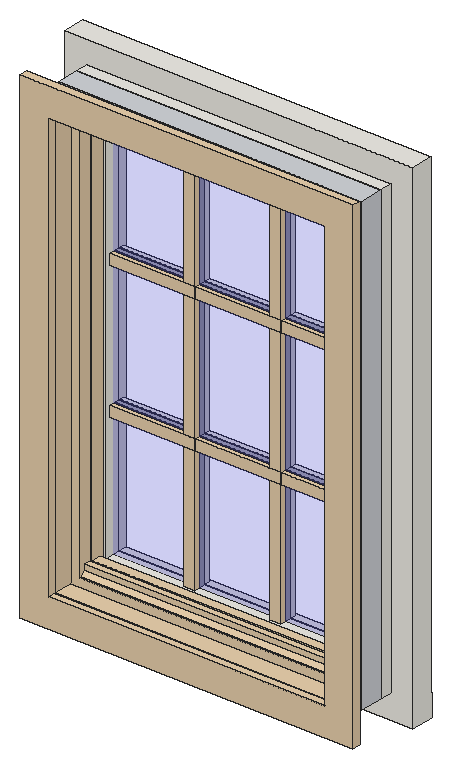
Revit family "Window-Awning-Andersen-400_Series 2", category Windows, host Wall, Revit 2013 (continued)
Dimensions and locks (in)
  aligned and locked: plane 17 "L Casing 4" to Masking region 7 sketch curve
  aligned and locked: Masking region 7 sketch curve to plane 27 "R Casing 4"
  aligned and locked: Masking region 7 sketch curve to plane 43 "B Casing 2"
  aligned and locked: plane 7 "T Frame" to Masking region 8 sketch curve
  aligned and locked: plane 5 "L Frame" to Masking region 8 sketch curve
  aligned and locked: Masking region 8 sketch curve to plane 4 "R Frame"
  aligned and locked: Masking region 8 sketch curve to plane 6 "B Frame"
  aligned and locked: plane 29 "T Glazing" to curve 34
  aligned and locked: curve 36 to plane 18 "R Glazing"
  aligned and locked: plane 8 "L Glazing" to curve 35
  aligned and locked: curve 37 to plane 39 "B Glazing"
  aligned and locked: plane 7 "T Frame" to Masking region 9 sketch curve
  aligned and locked: Masking region 9 sketch curve to plane 4 "R Frame"
  aligned and locked: plane 5 "L Frame" to Masking region 9 sketch curve
  aligned and locked: Masking region 9 sketch curve to plane 6 "B Frame"
  aligned and locked: plane 31 "T Xjamb 1" to Masking region 10 sketch curve
  aligned and locked: Masking region 10 sketch curve to plane 21 "R Xjamb 1"
  aligned and locked: plane 11 "L Xjamb 1" to Masking region 10 sketch curve
  aligned and locked: Masking region 10 sketch curve to plane 56 "B Xjamb 1"
  aligned and locked: Masking region 10 sketch curve to plane 44 "B Int Casing"
  aligned and locked: plane 45 "L Int Casing" to Masking region 10 sketch curve
  aligned and locked: Masking region 10 sketch curve to plane 28 "R Int Casing"
  aligned and locked: plane 38 "T Int Casing" to Masking region 10 sketch curve
  aligned and locked: plane 5 "L Frame" to curve 43
  aligned and locked: Masking region 3 sketch curve to host wall
  aligned and locked: plane 31 "T Xjamb 1" to Extrusion 3 sketch curve
  aligned and locked: plane 33 "T Xjamb 2" to Extrusion 3 sketch curve
  aligned and locked: Extrusion 3 sketch curve to plane 21 "R Xjamb 1"
  aligned and locked: Extrusion 3 sketch curve to plane 23 "R Xjamb 2"
  aligned and locked: plane 11 "L Xjamb 1" to Extrusion 3 sketch curve
  aligned and locked: plane 13 "L Xjamb 2" to Extrusion 3 sketch curve
  aligned and locked: Extrusion 3 sketch curve to plane 56 "B Xjamb 1"
  aligned and locked: Extrusion 3 sketch curve to plane 41 "B Xjamb 2"
  aligned and locked: plane 31 "T Xjamb 1" to Extrusion 4 sketch curve
  aligned and locked: plane 38 "T Int Casing" to Extrusion 4 sketch curve
  aligned and locked: Extrusion 4 sketch curve to plane 21 "R Xjamb 1"
  aligned and locked: Extrusion 4 sketch curve to plane 28 "R Int Casing"
  aligned and locked: plane 11 "L Xjamb 1" to Extrusion 4 sketch curve
  aligned and locked: plane 45 "L Int Casing" to Extrusion 4 sketch curve
  aligned and locked: Extrusion 4 sketch curve to plane 56 "B Xjamb 1"
  aligned and locked: Extrusion 4 sketch curve to plane 44 "B Int Casing"
  aligned and locked: Extrusion 4 to host wall
  aligned and locked: Extrusion 4 to plane 58 "Interior Casing"
  aligned and locked: plane 43 "B Casing 2" to Extrusion 5 sketch curve
  aligned and locked: plane 43 "B Casing 2" to Sweep 6 sketch curve  (x2)
  aligned and locked: plane 17 "L Casing 4" to Sweep 6 sketch curve  (x2)
  aligned and locked: Sweep 6 sketch curve to plane 27 "R Casing 4"
  aligned and locked: plane 37 "T Casing 4" to Sweep 6 sketch curve
  aligned and locked: plane 16 "L Casing 3" to Sweep 6 sketch curve
  aligned and locked: plane 47 "Casing S2" to Sweep 6 sketch curve
  aligned and locked: Sweep 6 sketch curve to plane 46 "Casing S1"
  aligned and locked: plane 49 "Flange" to Sweep 6 sketch curve
  aligned and locked: Sweep 6 sketch curve to plane 12 "L Casing 1"
  aligned and locked: Sweep 6 sketch curve to plane 47 "Casing S2"
  aligned and locked: plane 15 "L Casing 2" to Sweep 6 sketch curve
  aligned and locked: Extrusion 5 to plane 17 "L Casing 4"
  aligned and locked: plane 27 "R Casing 4" to Extrusion 5
  aligned and locked: plane 32 "T Casing 1" to Extrusion 7 sketch curve
  aligned and locked: plane 37 "T Casing 4" to Extrusion 7 sketch curve
  aligned and locked: plane 12 "L Casing 1" to Extrusion 7 sketch curve
  aligned and locked: plane 17 "L Casing 4" to Extrusion 7 sketch curve
  aligned and locked: Extrusion 7 sketch curve to plane 22 "R Casing 1"
  aligned and locked: Extrusion 7 sketch curve to plane 27 "R Casing 4"
  aligned and locked: Extrusion 7 sketch curve to plane 43 "B Casing 2"
  aligned and locked: plane 46 "Casing S1" to Extrusion 7
  aligned and locked: plane 49 "Flange" to Extrusion 7
  aligned and locked: plane 8 "L Glazing" to Extrusion 8 sketch curve
  aligned and locked: Extrusion 8 sketch curve to plane 18 "R Glazing"
  aligned and locked: plane 29 "T Glazing" to Extrusion 8 sketch curve
  aligned and locked: plane 50 "Glass1 S1" to Extrusion 8
  aligned and locked: Extrusion 8 to plane 54 "Sash1 S2"
  aligned and locked: Extrusion 9 sketch curve to plane 8 "L Glazing"
  aligned and locked: Extrusion 9 sketch curve to plane 29 "T Glazing"
  aligned and locked: plane 18 "R Glazing" to Extrusion 9 sketch curve
  aligned and locked: Extrusion 9 to plane 50 "Glass1 S1"
  aligned and locked: plane 29 "T Glazing" to Extrusion 10 sketch curve
  aligned and locked: plane 8 "L Glazing" to Extrusion 10 sketch curve
  aligned and locked: Extrusion 10 sketch curve to plane 18 "R Glazing"
  aligned and locked: plane 50 "Glass1 S1" to Extrusion 10
  aligned and locked: Extrusion 10 to plane 53 "Glass1 S4"
  aligned and locked: nested 1 to plane 29 "T Glazing"
  aligned and locked: nested 1 to plane 3 "Center (Left/Right)"
  aligned and locked: plane 8 "L Glazing" to nested 2
  aligned and locked: nested 3 to plane 29 "T Glazing"
  aligned and locked: plane 8 "L Glazing" to nested 4
  aligned and locked: nested 5 to plane 29 "T Glazing"
  aligned and locked: plane 8 "L Glazing" to nested 6
  aligned and locked: plane 8 "L Glazing" to nested 7
  aligned and locked: Extrusion 5 sketch curve to plane 49 "Flange"
  aligned and locked: host wall to Masking region 11 sketch curve
  aligned and locked: plane 4 "R Frame" to Masking region 11 sketch curve
  aligned and locked: Masking region 11 sketch curve to plane 5 "L Frame"
  aligned and locked: plane 57 "Exterior Offset" to Masking region 11 sketch curve
  aligned and locked: plane 27 "R Casing 4" to Masking region 11 sketch curve
  aligned and locked: Masking region 11 sketch curve to plane 17 "L Casing 4"
  aligned and locked: plane 39 "B Glazing" to Extrusion 8 sketch curve
  aligned and locked: curve 11 to plane 66 "Sash1 S1"
  aligned and locked: plane 66 "Sash1 S1" to curve 15
  aligned and locked: plane 66 "Sash1 S1" to Extrusion 9
  aligned and locked: host wall to curve 19
  aligned and locked: plane 7 "T Frame" to Extrusion 11 sketch curve
  aligned and locked: Extrusion 11 sketch curve to plane 4 "R Frame"
  aligned and locked: Extrusion 11 sketch curve to plane 6 "B Frame"
  aligned and locked: plane 5 "L Frame" to Extrusion 11 sketch curve
  aligned and locked: plane 30 "T Ext Frame" to Extrusion 11 sketch curve
  aligned and locked: Extrusion 11 sketch curve to plane 19 "R Ext Frame"
  aligned and locked: plane 9 "L Ext Frame" to Extrusion 11 sketch curve
  aligned and locked: Extrusion 11 sketch curve to plane 40 "B Ext Frame"
  aligned and locked: plane 48 "Frame S1" to Extrusion 11
  aligned and locked: Extrusion 10 sketch curve to plane 39 "B Glazing"
  aligned and locked: plane 39 "B Glazing" to curve 28
  aligned and locked: plane 39 "B Glazing" to curve 27
  aligned and locked: plane 39 "B Glazing" to curve 29
  aligned and locked: plane 39 "B Glazing" to curve 26
  aligned and locked: plane 39 "B Glazing" to Extrusion 9 sketch curve
  aligned and locked: plane 68 "L Sash" to curve 18
  aligned and locked: plane 54 "Sash1 S2" to curve 18
  aligned and locked: plane 54 "Sash1 S2" to curve 14
  aligned and locked: plane 55 "Frame S2" to Masking region 1 sketch curve
  aligned and locked: plane 69 "Stop S1" to curve 95
  aligned and locked: plane 69 "Stop S1" to curve 93
  aligned and locked: Masking region 1 sketch curve to plane 55 "Frame S2"
  aligned and locked: plane 69 "Stop S1" to Masking region 4 sketch curve
  aligned and locked: plane 55 "Frame S2" to Masking region 4 sketch curve
  aligned and locked: Masking region 4 sketch curve to plane 55 "Frame S2"
  aligned and locked: plane 71 "T Sash" to Extrusion 9 sketch curve
  aligned and locked: plane 68 "L Sash" to Extrusion 9 sketch curve
  aligned and locked: Extrusion 9 sketch curve to plane 67 "R Sash"
  aligned and locked: plane 70 "B Sash" to Extrusion 9 sketch curve
  aligned and locked: Extrusion 8 sketch curve to plane 71 "T Sash"
  aligned and locked: Extrusion 8 sketch curve to plane 68 "L Sash"
  aligned and locked: plane 67 "R Sash" to Extrusion 8 sketch curve
  aligned and locked: plane 70 "B Sash" to Extrusion 8 sketch curve
  aligned and locked: Extrusion 11 to plane 54 "Sash1 S2"
  aligned and locked: plane 72 "T Int Frame" to Extrusion 12 sketch curve
  aligned and locked: plane 74 "L Int Frame" to Extrusion 12 sketch curve
  aligned and locked: Extrusion 12 sketch curve to plane 75 "R Int Frame"
  aligned and locked: Extrusion 12 sketch curve to plane 73 "B Int Frame"
  aligned and locked: Extrusion 12 sketch curve to plane 6 "B Frame"
  aligned and locked: Extrusion 12 sketch curve to plane 4 "R Frame"
  aligned and locked: plane 7 "T Frame" to Extrusion 12 sketch curve
  aligned and locked: plane 5 "L Frame" to Extrusion 12 sketch curve
  aligned and locked: plane 54 "Sash1 S2" to Extrusion 12
  aligned and locked: Extrusion 12 to plane 55 "Frame S2"
  aligned and locked: plane 75 "R Int Frame" to Extrusion 13
  aligned and locked: Extrusion 13 to plane 74 "L Int Frame"
  aligned and locked: Extrusion 14 sketch curve to plane 54 "Sash1 S2"
  aligned and locked: Extrusion 14 sketch curve to plane 75 "R Int Frame"
  aligned and locked: plane 69 "Stop S1" to Extrusion 14 sketch curve
  aligned and locked: plane 20 "R Stop" to Extrusion 14 sketch curve
  aligned and locked: plane 10 "L Stop" to Extrusion 14 sketch curve
  aligned and locked: plane 54 "Sash1 S2" to Extrusion 14 sketch curve
  aligned and locked: Extrusion 14 sketch curve to plane 74 "L Int Frame"
  aligned and locked: Extrusion 14 sketch curve to plane 69 "Stop S1"
  aligned and locked: plane 73 "B Int Frame" to Extrusion 14
  aligned and locked: Extrusion 14 to plane 72 "T Int Frame"
  aligned and locked: Masking region 1 sketch curve to plane 75 "R Int Frame"
  aligned and locked: Masking region 1 sketch curve to plane 74 "L Int Frame"
  aligned and locked: plane 7 "T Frame" to Sweep 15 sketch curve
  aligned and locked: plane 5 "L Frame" to Sweep 15 sketch curve
  aligned and locked: Sweep 15 sketch curve to plane 6 "B Frame"
  aligned and locked: Sweep 15 sketch curve to plane 4 "R Frame"
  aligned and locked: Sweep 15 sketch curve to plane 55 "Frame S2"
  aligned and locked: plane 65 "Xjamb S1" to Extrusion 3
  aligned and locked: host wall to Extrusion 3
  aligned and locked: Masking region 4 sketch curve to plane 72 "T Int Frame"
  aligned and locked: Masking region 4 sketch curve to plane 73 "B Int Frame"
  aligned and locked: plane 54 "Sash1 S2" to Extrusion 13 sketch curve
  aligned and locked: plane 73 "B Int Frame" to Extrusion 13 sketch curve
  aligned and locked: plane 76 "T Stop" to curve 38
  aligned and locked: plane 10 "L Stop" to curve 41
  aligned and locked: curve 39 to plane 20 "R Stop"
  aligned and locked: plane 72 "T Int Frame" to curve 116
  aligned and locked: curve 117 to plane 75 "R Int Frame"
  aligned and locked: plane 74 "L Int Frame" to curve 119
  aligned and locked: curve 118 to plane 73 "B Int Frame"
  aligned and locked: plane 68 "L Sash" to curve 121
  aligned and locked: plane 70 "B Sash" to curve 121
  aligned and locked: curve 32 to plane 70 "B Sash"
  aligned and locked: plane 68 "L Sash" to curve 31
  aligned and locked: plane 71 "T Sash" to curve 30
  aligned and locked: curve 33 to plane 67 "R Sash"
  aligned and locked: plane 4 "R Frame" to curve 128
  aligned and locked: plane 5 "L Frame" to curve 128
  aligned and locked: host wall to curve 128
  aligned and locked: Masking region 12 sketch curve to plane 65 "Xjamb S1"  (x2)
  aligned and locked: Masking region 12 sketch curve to Sweep 15  (x3)
  aligned and locked: Masking region 12 sketch curve to plane 72 "T Int Frame"
  aligned and locked: Masking region 12 sketch curve to plane 69 "Stop S1"
  aligned and locked: plane 73 "B Int Frame" to Masking region 12 sketch curve
  aligned and locked: Masking region 13 sketch curve to plane 33 "T Xjamb 2"
  aligned and locked: plane 65 "Xjamb S1" to Masking region 13 sketch curve  (x2)
  aligned and locked: plane 72 "T Int Frame" to Masking region 13 sketch curve
  aligned and locked: plane 69 "Stop S1" to Masking region 13 sketch curve
  aligned and locked: Masking region 13 sketch curve to plane 73 "B Int Frame"
  aligned and locked: plane 41 "B Xjamb 2" to Masking region 13 sketch curve
  aligned and locked: host wall to Masking region 13 sketch curve
  aligned and locked: host wall to Masking region 14 sketch curve
  aligned and locked: Masking region 14 sketch curve to plane 44 "B Int Casing"
  aligned and locked: plane 58 "Interior Casing" to Masking region 14 sketch curve
  aligned and locked: plane 38 "T Int Casing" to Masking region 14 sketch curve
  aligned and locked: plane 65 "Xjamb S1" to curve 132
  aligned and locked: Sweep 15 to curve 132
  aligned and locked: plane 73 "B Int Frame" to curve 132
  aligned and locked: plane 65 "Xjamb S1" to curve 133
  aligned and locked: host wall to curve 133
  aligned and locked: plane 56 "B Xjamb 1" to curve 133
  aligned and locked: plane 58 "Interior Casing" to curve 134
  aligned and locked: plane 56 "B Xjamb 1" to curve 134
  aligned and locked: plane 65 "Xjamb S1" to curve 129
  aligned and locked: Sweep 15 to curve 129
  aligned and locked: plane 72 "T Int Frame" to curve 129
  aligned and locked: plane 65 "Xjamb S1" to curve 130
  aligned and locked: host wall to curve 130
  aligned and locked: plane 31 "T Xjamb 1" to curve 130
  aligned and locked: plane 58 "Interior Casing" to curve 131
  aligned and locked: plane 31 "T Xjamb 1" to curve 131
  aligned and locked: Masking region 15 sketch curve to plane 65 "Xjamb S1"  (x2)
  aligned and locked: plane 75 "R Int Frame" to Masking region 15 sketch curve
  aligned and locked: Masking region 15 sketch curve to plane 69 "Stop S1"
  aligned and locked: Masking region 15 sketch curve to plane 74 "L Int Frame"
  aligned and locked: Masking region 15 sketch curve to Sweep 15  (x2)
  aligned and locked: Masking region 16 sketch curve to plane 65 "Xjamb S1"  (x2)
  aligned and locked: plane 75 "R Int Frame" to Masking region 16 sketch curve
  aligned and locked: Masking region 16 sketch curve to plane 69 "Stop S1"
  aligned and locked: Masking region 16 sketch curve to plane 74 "L Int Frame"
  aligned and locked: plane 13 "L Xjamb 2" to Masking region 16 sketch curve
  aligned and locked: Masking region 16 sketch curve to host wall
  aligned and locked: Masking region 16 sketch curve to plane 23 "R Xjamb 2"
  aligned and locked: host wall to Masking region 17 sketch curve
  aligned and locked: plane 45 "L Int Casing" to Masking region 17 sketch curve
  aligned and locked: plane 58 "Interior Casing" to Masking region 17 sketch curve
  aligned and locked: Masking region 17 sketch curve to plane 28 "R Int Casing"
  aligned and locked: plane 65 "Xjamb S1" to curve 138
  aligned and locked: Sweep 15 to curve 138
  aligned and locked: plane 74 "L Int Frame" to curve 138
  aligned and locked: plane 65 "Xjamb S1" to curve 139
  aligned and locked: host wall to curve 139
  aligned and locked: plane 11 "L Xjamb 1" to curve 139
  aligned and locked: plane 58 "Interior Casing" to curve 140
  aligned and locked: plane 11 "L Xjamb 1" to curve 140
  aligned and locked: plane 65 "Xjamb S1" to curve 135
  aligned and locked: Sweep 15 to curve 135
  aligned and locked: plane 75 "R Int Frame" to curve 135
  aligned and locked: plane 65 "Xjamb S1" to curve 136
  aligned and locked: host wall to curve 136
  aligned and locked: plane 21 "R Xjamb 1" to curve 136
  aligned and locked: plane 58 "Interior Casing" to curve 137
  aligned and locked: plane 21 "R Xjamb 1" to curve 137
  aligned and locked: plane 69 "Stop S1" to Masking region 1 sketch curve
  aligned and locked: curve 40 to plane 59 "Vertical Bar Length"
  aligned and locked: Extrusion 16 sketch curve to plane 72 "T Int Frame"
  aligned and locked: plane 54 "Sash1 S2" to Extrusion 16 sketch curve
  aligned and locked: Extrusion 16 sketch curve to plane 69 "Stop S1"
  aligned and locked: Extrusion 16 to plane 74 "L Int Frame"
  aligned and locked: plane 75 "R Int Frame" to Extrusion 16
  aligned and locked: plane 4 "R Frame" to curve 44
  aligned and locked: plane 49 "Flange" to curve 44
  aligned and locked: plane 5 "L Frame" to curve 76
  aligned and locked: curve 76 to plane 49 "Flange"
  aligned and locked: plane 6 "B Frame" to curve 115
  aligned and locked: plane 49 "Flange" to curve 115
  aligned and locked: plane 7 "T Frame" to curve 114
  aligned and locked: plane 49 "Flange" to curve 114
  aligned and locked: plane 25 "R Casing 2" to curve 5
  aligned and locked: plane 47 "Casing S2" to curve 4
  aligned and locked: plane 26 "R Casing 3" to curve 4
  aligned and locked: plane 46 "Casing S1" to curve 4
  aligned and locked: plane 15 "L Casing 2" to curve 2
  aligned and locked: plane 47 "Casing S2" to cut or joined group of Extrusion 5, Sweep 6
  aligned and locked: plane 16 "L Casing 3" to curve 1
  aligned and locked: plane 46 "Casing S1" to cut or joined group of Extrusion 5, Sweep 6
  aligned and locked: plane 35 "T Casing 2" to curve 24
  aligned and locked: plane 36 "T Casing 3" to curve 23
  aligned and locked: plane 46 "Casing S1" to curve 23
  aligned and locked: Extrusion 5 sketch curve to plane 6 "B Frame"
  aligned and locked: Masking region 6 sketch curve to cut or joined group of Extrusion 5, Sweep 6
  aligned and locked: Extrusion 7 sketch curve to plane 6 "B Frame"
  aligned and locked: plane 46 "Casing S1" to curve 42
  aligned and locked: plane 46 "Casing S1" to curve 43
  aligned and locked: plane 46 "Casing S1" to curve 218
  aligned and locked: plane 49 "Flange" to curve 218
  aligned and locked: plane 55 "Frame S2" to curve 219
  aligned and locked: plane 46 "Casing S1" to curve 216
  aligned and locked: plane 49 "Flange" to curve 216
  aligned and locked: plane 55 "Frame S2" to curve 217
  aligned and locked: plane 17 "L Casing 4" to curve 218
  aligned and locked: plane 5 "L Frame" to curve 219
  aligned and locked: plane 27 "R Casing 4" to curve 216
  aligned and locked: plane 4 "R Frame" to curve 217
  aligned and locked: plane 49 "Flange" to curve 220
  aligned and locked: plane 37 "T Casing 4" to curve 220
  aligned and locked: plane 48 "Frame S1" to curve 221
  aligned and locked: plane 55 "Frame S2" to curve 221
  aligned and locked: plane 7 "T Frame" to curve 221
  aligned and locked: plane 46 "Casing S1" to curve 222
  aligned and locked: plane 49 "Flange" to curve 222
  aligned and locked: plane 43 "B Casing 2" to curve 222
  aligned and locked: plane 48 "Frame S1" to curve 223
  aligned and locked: plane 55 "Frame S2" to curve 223
  aligned and locked: plane 6 "B Frame" to curve 223
  aligned and locked: plane 49 "Flange" to curve 217
  aligned and locked: plane 49 "Flange" to curve 219
  aligned and locked: plane 71 "T Sash" to curve 121
  aligned and locked: plane 3 "Center (Left/Right)" to curve 121
  aligned and locked: plane 70 "B Sash" to curve 120
  aligned and locked: plane 67 "R Sash" to curve 120
Automatic sketch dimensions
  curve 42 to curve 42 = 0' - 0 7/16"
  curve 13 to curve 13 = 0' - 1.67"
  curve 177 to curve 179 = 0' - 0.655"
  curve 179 to curve 96 = 0' - 1.549"
  curve 97 to curve 173 = 0' - 0.107"
  curve 173 to curve 103 = 0' - 0.066"
  curve 103 to curve 112 = 0' - 0.626"
  curve 100 to curve 172 = 0' - 0.844"
  curve 113 to curve 102 = 0' - 0.371"
  curve 106 to curve 105 = 0' - 0.313"
  curve 105 to curve 104 = 0' - 0.187"
  curve 104 to curve 176 = 0' - 0.07303"
  curve 180 to curve 177 = 0' - 0.345"
  curve 98 to curve 98 = 0' - 0.345"
  curve 174 to curve 97 = 0' - 0.549"
  curve 102 to curve 109 = 0' - 0.096"
  curve 96 to curve 114 = 0' - 0.451"
  curve 110 to curve 112 = 0' - 0.096"
  curve 175 to curve 175 = 0' - 0.23897"
  curve 103 to curve 113 = 0' - 0.0062"
  curve 103 to curve 179 = 0' - 0.109"
  curve 112 to curve 111 = 0' - 0.25024"
  curve 99 to curve 179 = 0' - 0.361"
  curve 111 to curve 111 = 0' - 0.23255"
  curve 102 to curve 171 = 0' - 0.053"
  curve 102 to curve 173 = 0' - 0.4378"
  curve 180 to curve 177 = 0' - 0.545"
  curve 97 to curve 100 = 0' - 0.174"
  curve 177 to curve 98 = 0' - 0 1/4"
  curve 100 to curve 106 = 0' - 0.281"
  curve 106 to curve 105 = 0' - 0.156"
  curve 100 to curve 96 = 0' - 0.533"
  curve 96 to curve 176 = 0' - 0.08989"
  curve 108 to curve 112 = 0' - 0.0062"
  curve 103 to curve 109 = 0' - 0"
  curve 108 to curve 110 = 0' - 0.13544"
  curve 99 to curve 107 = 0' - 0.081"
  curve 174 to curve 101 = 0' - 0.217"
  curve 96 to curve 114 = 0' - 0.653"
  curve 114 to curve 114 = 0' - 1 5/8"
  curve 95 to plane 20 "R Stop" = 0' - 0"
  curve 93 to plane 10 "L Stop" = 0' - 0"
  curve 92 to plane 54 "Sash1 S2" = 0' - 0"
  curve 95 to plane 54 "Sash1 S2" = 0' - 0"
  curve 94 to plane 67 "R Sash" = 0' - 0"
  curve 92 to plane 68 "L Sash" = 0' - 0"
  curve 207 to curve 183 = 0' - 0.196"
  curve 207 to curve 209 = 0' - 0.28306"
  curve 184 to curve 215 = 0' - 0.27094"
  curve 184 to curve 210 = 0' - 0.56794"
  curve 210 to curve 211 = 0' - 0.733"
  curve 211 to curve 212 = 0' - 0.267"
  curve 186 to curve 205 = 0' - 0.549"
  curve 182 to curve 201 = 0' - 0.107"
  curve 201 to curve 188 = 0' - 0.066"
  curve 188 to curve 198 = 0' - 0.626"
  curve 185 to curve 191 = 0' - 0.844"
  curve 198 to curve 196 = 0' - 0.371"
  curve 191 to curve 190 = 0' - 0.313"
  curve 190 to curve 190 = 0' - 0.187"
  curve 189 to curve 204 = 0' - 0.07303"
  curve 208 to curve 207 = 0' - 0.149"
  curve 183 to curve 183 = 0' - 0.345"
  curve 215 to curve 209 = 0' - 0.047"
  curve 188 to curve 195 = 0' - 0.096"
  curve 181 to curve 115 = 0' - 0.451"
  curve 193 to curve 198 = 0' - 0.096"
  curve 203 to curve 203 = 0' - 0.23897"
  curve 203 to curve 181 = 0' - 0.08989"
  curve 181 to curve 190 = 0' - 0.096"
  curve 190 to curve 200 = 0' - 0.156"
  curve 181 to curve 183 = 0' - 0.457"
  curve 191 to curve 185 = 0' - 0.281"
  curve 185 to curve 205 = 0' - 0.174"
  curve 182 to curve 202 = 0' - 0.0882"
  curve 182 to curve 186 = 0' - 0.217"
  curve 205 to curve 207 = 0' - 0.437"
  curve 185 to curve 199 = 0' - 0.647"
  curve 201 to curve 187 = 0' - 0.4378"
  curve 207 to curve 215 = 0' - 0.267"
  curve 187 to curve 197 = 0' - 0.23255"
  curve 214 to curve 184 = 0' - 0.07316"
  curve 186 to curve 186 = 0' - 0.768"
  curve 196 to curve 197 = 0' - 0.25024"
  curve 187 to curve 192 = 0' - 0.489"
  curve 214 to curve 210 = 0' - 0.484"
  curve 186 to curve 211 = 0' - 0.28"
  curve 115 to curve 181 = 0' - 2.153"
  curve 115 to curve 181 = 0' - 0.528"
  curve 195 to curve 188 = 0' - 0.13544"
  curve 192 to curve 186 = 0' - 0.095"
  curve 213 to curve 209 = 0' - 0.296"
  curve 197 to curve 193 = 0' - 0.0062"
  curve 188 to curve 194 = 0' - 0"
  Sweep 15 sketch curve to profile plane = 0' - 0"
  plane 39 "B Glazing" to Extrusion 13 sketch curve = 0' - 0.03"
  curve 141 to curve 141 = 0' - 0.05924"
  curve 141 to curve 50 = 0' - 0.094"
  curve 141 to curve 49 = 0' - 0.1128"
  curve 49 to curve 47 = 0' - 0.02383"
  curve 47 to curve 47 = 0' - 0.12559"
  curve 49 to curve 145 = 0' - 0.30812"
  curve 47 to curve 148 = 0' - 0.30153"
  curve 48 to curve 143 = 0' - 0.25884"
  curve 48 to curve 51 = 0' - 0.6057"
  curve 143 to curve 53 = 0' - 0.4"
  curve 45 to curve 122 = 0' - 0.531"
  curve 122 to curve 122 = 0' - 0.36"
  curve 52 to curve 52 = 0' - 0 5/8"
  curve 53 to curve 53 = 0' - 0 5/8"
  curve 44 to curve 141 = 0' - 2.04524"
  curve 44 to curve 141 = 0' - 0.54524"
  curve 147 to curve 143 = 0' - 0.291"
  curve 66 to curve 67 = 0' - 0.35617"
  curve 72 to curve 52 = 0' - 0.12475"
  curve 71 to curve 53 = 0' - 0"
  curve 70 to curve 52 = 0' - 0"
  curve 46 to curve 147 = 0' - 1.0675"
  curve 147 to curve 148 = 0' - 0.527"
  curve 46 to curve 54 = 0' - 0.722"
  curve 45 to curve 143 = 0' - 0.291"
  curve 53 to curve 52 = 0' - 0.626"
  curve 48 to curve 142 = 0' - 0.557"
  curve 47 to curve 145 = 0' - 0 1/8"
  curve 52 to curve 168 = 0' - 0.402"
  curve 49 to curve 141 = 0' - 0.275"
  curve 141 to curve 49 = 0' - 0.038"
  curve 66 to curve 168 = 0' - 0 1/4"
  curve 123 to curve 122 = 0' - 0.9325"
  curve 45 to curve 123 = 0' - 0"
  curve 53 to curve 71 = 0' - 0.096"
  curve 44 to curve 141 = 0' - 0 3/8"
  curve 70 to curve 52 = 0' - 0.096"
  curve 50 to curve 165 = 0' - 0.312"
  curve 149 to curve 149 = 0' - 0.05924"
  curve 149 to curve 61 = 0' - 0.094"
  curve 149 to curve 60 = 0' - 0.1128"
  curve 60 to curve 58 = 0' - 0.02383"
  curve 58 to curve 58 = 0' - 0.12559"
  curve 60 to curve 153 = 0' - 0.30812"
  curve 58 to curve 156 = 0' - 0.30153"
  curve 59 to curve 151 = 0' - 0.25884"
  curve 59 to curve 62 = 0' - 0.6057"
  curve 151 to curve 64 = 0' - 0.4"
  curve 56 to curve 124 = 0' - 0.531"
  curve 124 to curve 124 = 0' - 0.36"
  curve 63 to curve 63 = 0' - 0 5/8"
  curve 64 to curve 64 = 0' - 0 5/8"
  curve 55 to curve 149 = 0' - 2.04524"
  curve 55 to curve 149 = 0' - 0.54524"
  curve 155 to curve 151 = 0' - 0.291"
  curve 68 to curve 69 = 0' - 0.35617"
  curve 75 to curve 63 = 0' - 0.12475"
  curve 74 to curve 64 = 0' - 0"
  curve 73 to curve 63 = 0' - 0"
  curve 57 to curve 155 = 0' - 1.0675"
  curve 155 to curve 156 = 0' - 0.527"
  curve 57 to curve 65 = 0' - 0.722"
  curve 56 to curve 151 = 0' - 0.291"
  curve 64 to curve 63 = 0' - 0.626"
  curve 59 to curve 150 = 0' - 0.557"
  curve 58 to curve 153 = 0' - 0 1/8"
  curve 63 to curve 169 = 0' - 0.402"
  curve 60 to curve 149 = 0' - 0.275"
  curve 149 to curve 60 = 0' - 0.038"
  curve 68 to curve 169 = 0' - 0 1/4"
  curve 125 to curve 124 = 0' - 0.9325"
  curve 56 to curve 125 = 0' - 0"
  curve 64 to curve 74 = 0' - 0.096"
  curve 55 to curve 149 = 0' - 0 3/8"
  curve 73 to curve 63 = 0' - 0.096"
  curve 61 to curve 166 = 0' - 0.312"
  curve 157 to curve 157 = 0' - 0.05924"
  curve 157 to curve 82 = 0' - 0.094"
  curve 157 to curve 81 = 0' - 0.1128"
  curve 81 to curve 79 = 0' - 0.02383"
  curve 79 to curve 79 = 0' - 0.12559"
  curve 81 to curve 161 = 0' - 0.30812"
  curve 79 to curve 164 = 0' - 0.30153"
  curve 80 to curve 159 = 0' - 0.25884"
  curve 80 to curve 83 = 0' - 0.6057"
  curve 159 to curve 85 = 0' - 0.4"
  curve 77 to curve 126 = 0' - 0.531"
  curve 126 to curve 126 = 0' - 0.36"
  curve 84 to curve 84 = 0' - 0 5/8"
  curve 85 to curve 85 = 0' - 0 5/8"
  curve 76 to curve 157 = 0' - 2.04524"
  curve 76 to curve 157 = 0' - 0.54524"
  curve 163 to curve 159 = 0' - 0.291"
  curve 87 to curve 88 = 0' - 0.35617"
  curve 91 to curve 84 = 0' - 0.12475"
  curve 90 to curve 85 = 0' - 0"
  curve 89 to curve 84 = 0' - 0"
  curve 163 to curve 78 = 0' - 1.0675"
  curve 164 to curve 163 = 0' - 0.527"
  curve 86 to curve 78 = 0' - 0.722"
  curve 159 to curve 77 = 0' - 0.291"
  curve 84 to curve 85 = 0' - 0.626"
  curve 158 to curve 80 = 0' - 0.557"
  curve 161 to curve 79 = 0' - 0 1/8"
  curve 170 to curve 84 = 0' - 0.402"
  curve 157 to curve 81 = 0' - 0.275"
  curve 81 to curve 157 = 0' - 0.038"
  curve 170 to curve 87 = 0' - 0 1/4"
  curve 126 to curve 127 = 0' - 0.9325"
  curve 77 to curve 127 = 0' - 0"
  curve 90 to curve 85 = 0' - 0.096"
  curve 157 to curve 76 = 0' - 0 3/8"
  curve 84 to curve 89 = 0' - 0.096"
  curve 167 to curve 82 = 0' - 0.312"
  plane 48 "Frame S1" to curve 220 = 0' - 0 7/16"
  curve 251 to curve 227 = 0' - 0.196"
  curve 251 to curve 253 = 0' - 0.28306"
  curve 228 to curve 259 = 0' - 0.27094"
  curve 228 to curve 254 = 0' - 0.56794"
  curve 254 to curve 255 = 0' - 0.733"
  curve 255 to curve 256 = 0' - 0.267"
  curve 230 to curve 249 = 0' - 0.549"
  curve 226 to curve 245 = 0' - 0.107"
  curve 245 to curve 232 = 0' - 0.066"
  curve 232 to curve 242 = 0' - 0.626"
  curve 229 to curve 235 = 0' - 0.844"
  curve 242 to curve 240 = 0' - 0.371"
  curve 235 to curve 234 = 0' - 0.313"
  curve 234 to curve 234 = 0' - 0.187"
  curve 233 to curve 248 = 0' - 0.07303"
  curve 252 to curve 251 = 0' - 0.149"
  curve 227 to curve 227 = 0' - 0.345"
  curve 259 to curve 253 = 0' - 0.047"
  curve 232 to curve 239 = 0' - 0.096"
  curve 225 to curve 224 = 0' - 0.451"
  curve 237 to curve 242 = 0' - 0.096"
  curve 247 to curve 247 = 0' - 0.23897"
  curve 247 to curve 225 = 0' - 0.08989"
  curve 225 to curve 234 = 0' - 0.096"
  curve 234 to curve 244 = 0' - 0.156"
  curve 225 to curve 227 = 0' - 0.457"
  curve 235 to curve 229 = 0' - 0.281"
  curve 229 to curve 249 = 0' - 0.174"
  curve 226 to curve 246 = 0' - 0.0882"
  curve 226 to curve 230 = 0' - 0.217"
  curve 249 to curve 251 = 0' - 0.437"
  curve 229 to curve 243 = 0' - 0.647"
  curve 245 to curve 231 = 0' - 0.4378"
  curve 251 to curve 259 = 0' - 0.267"
  curve 231 to curve 241 = 0' - 0.23255"
  curve 258 to curve 228 = 0' - 0.07316"
  curve 230 to curve 230 = 0' - 0.768"
  curve 240 to curve 241 = 0' - 0.25024"
  curve 231 to curve 236 = 0' - 0.489"
  curve 258 to curve 254 = 0' - 0.484"
  curve 230 to curve 255 = 0' - 0.28"
  curve 224 to curve 225 = 0' - 2.153"
  curve 224 to curve 225 = 0' - 0.528"
  curve 239 to curve 232 = 0' - 0.13544"
  curve 236 to curve 230 = 0' - 0.095"
  curve 257 to curve 253 = 0' - 0.296"
  curve 241 to curve 237 = 0' - 0.0062"
  curve 232 to curve 238 = 0' - 0"
  curve 285 to curve 287 = 0' - 0.655"
  curve 287 to curve 260 = 0' - 1.549"
  curve 261 to curve 281 = 0' - 0.107"
  curve 281 to curve 267 = 0' - 0.066"
  curve 267 to curve 276 = 0' - 0.626"
  curve 264 to curve 280 = 0' - 0.844"
  curve 277 to curve 266 = 0' - 0.371"
  curve 270 to curve 269 = 0' - 0.313"
  curve 269 to curve 268 = 0' - 0.187"
  curve 268 to curve 284 = 0' - 0.07303"
  curve 288 to curve 285 = 0' - 0.345"
  curve 262 to curve 262 = 0' - 0.345"
  curve 282 to curve 261 = 0' - 0.549"
  curve 266 to curve 273 = 0' - 0.096"
  curve 260 to curve 278 = 0' - 0.451"
  curve 274 to curve 276 = 0' - 0.096"
  curve 283 to curve 283 = 0' - 0.23897"
  curve 267 to curve 277 = 0' - 0.0062"
  curve 267 to curve 287 = 0' - 0.109"
  curve 276 to curve 275 = 0' - 0.25024"
  curve 263 to curve 287 = 0' - 0.361"
  curve 275 to curve 275 = 0' - 0.23255"
  curve 266 to curve 279 = 0' - 0.053"
  curve 266 to curve 281 = 0' - 0.4378"
  curve 288 to curve 285 = 0' - 0.545"
  curve 261 to curve 264 = 0' - 0.174"
  curve 285 to curve 262 = 0' - 0 1/4"
  curve 264 to curve 270 = 0' - 0.281"
  curve 270 to curve 269 = 0' - 0.156"
  curve 264 to curve 260 = 0' - 0.533"
  curve 260 to curve 284 = 0' - 0.08989"
  curve 272 to curve 276 = 0' - 0.0062"
  curve 267 to curve 273 = 0' - 0"
  curve 272 to curve 274 = 0' - 0.13544"
  curve 263 to curve 271 = 0' - 0.081"
  curve 282 to curve 265 = 0' - 0.217"
  curve 260 to curve 278 = 0' - 0.653"
  curve 278 to curve 278 = 0' - 1 5/8"
  curve 5 to plane 22 "R Casing 1" = 0' - 0"
  curve 13 to plane 67 "R Sash" = 0' - 0"
  curve 1 to plane 46 "Casing S1" = 0' - 0"
  curve 43 to plane 48 "Frame S1" = 0' - 0"
  curve 6 to plane 48 "Frame S1" = 0' - 0"
  curve 14 to plane 48 "Frame S1" = 0' - 0"
  curve 42 to plane 4 "R Frame" = 0' - 0"
  curve 42 to plane 48 "Frame S1" = 0' - 0"
  host wall to curve 20 = 0' - 0"
  curve 19 to plane 20 "R Stop" = 0' - 0"
  curve 20 to plane 10 "L Stop" = 0' - 0"
Nested families (in)
  nested 1: "Andersen Grille Bar" at (0, 1.9105, 64.1875) x (-1, 0, 0) z (0, 1, 0), Center Line <- "Bar Center Line", Bar Length <- "TS V Bar Length", Bar Width <- "Grille Bar Size", visible <- "TS S V", type "Andersen Grille Bar"
    with Glass / 2 0' - 0 1/8", Glass 0' - 0 5/8", Center Line Length 2' - 7 3/8", Center Line 2, Bar Width 0' - 0 7/8", Bar Length 2' - 7 3/8"
  nested 2: "Andersen Grille Bar" at (0, 1.9105, 64.1875) x (0, 0, -1) z (0, 1, 0), Bar Length <- "H DLO", visible <- "TS S H", Bar Width <- "Horizontal Craftsman Bar Size", type "Andersen Grille Bar"
    with Glass / 2 0' - 0 1/8", Glass 0' - 0 5/8", Center Line Length 1' - 7 1/2", Center Line 2, Bar Width 0' - 0 7/8", Bar Length 1' - 7 1/2"
  nested 3: "Andersen Grille Bar" at (3.39583, 1.9105, 64.1875) x (-1, 0, 0) z (0, 1, 0), Center Line <- "Bar Center Line", Bar Length <- "TS V Bar Length", Bar Width <- "Grille Bar Size", visible <- "TS M V", type "Andersen Grille Bar"
    with Glass / 2 0' - 0 1/8", Glass 0' - 0 5/8", Center Line Length 2' - 7 3/8", Center Line 2, Bar Width 0' - 0 7/8", Bar Length 2' - 7 3/8"
  nested 4: "Andersen Grille Bar" at (0, 1.9105, 58.8125) x (0, 0, -1) z (0, 1, 0), Center Line <- "Bar Center Line", Bar Length <- "H DLO", visible <- "TS M H", Bar Width <- "Grille Bar Size", type "Andersen Grille Bar"
    with Glass / 2 0' - 0 1/8", Glass 0' - 0 5/8", Center Line Length 1' - 7 1/2", Center Line 2, Bar Width 0' - 0 7/8", Bar Length 1' - 7 1/2"
  nested 5: "Andersen Grille Bar" at (-3.39583, 1.9105, 64.1875) x (-1, 0, 0) z (0, 1, 0), Center Line <- "Bar Center Line", Bar Length <- "TS V Bar Length", Bar Width <- "Grille Bar Size", visible <- "TS M V", type "Andersen Grille Bar"
    with Glass / 2 0' - 0 1/8", Glass 0' - 0 5/8", Center Line Length 2' - 7 3/8", Center Line 2, Bar Width 0' - 0 7/8", Bar Length 2' - 7 3/8"
  nested 6: "Andersen Grille Bar" at (0, 1.9105, 69.5625) x (0, 0, -1) z (0, 1, 0), Center Line <- "Bar Center Line", Bar Length <- "H DLO", visible <- "TS M H", Bar Width <- "Grille Bar Size", type "Andersen Grille Bar"
    with Glass / 2 0' - 0 1/8", Glass 0' - 0 5/8", Center Line Length 1' - 7 1/2", Center Line 2, Bar Width 0' - 0 7/8", Bar Length 1' - 7 1/2"
  nested 7: "Andersen Grille Bar" at (0, 1.9105, 64.1875) x (0, 0, -1) z (0, 1, 0), Bar Length <- "H DLO", visible <- "TS S H Craftsman", Bar Width <- "Grille Bar Size", type "Andersen Grille Bar"
    with Glass / 2 0' - 0 1/8", Glass 0' - 0 5/8", Center Line Length 1' - 7 1/2", Center Line 2, Bar Width 0' - 0 7/8", Bar Length 1' - 7 1/2"
Definition of nested family "Andersen Grille Bar"
  Parameters (values of type "Andersen Grille Bar")
    Interior Bar Visibility = yes
    Interior Bar Material = none
    Glass / 2 [instance] = (Glass / 2) - 0' 0 3/16"  # 0' - 0 1/8"
    Glass [instance] = 0' - 0 5/8"
    Exterior Bar Visibility = yes
    Exterior Bar Finish = none
    Default Elevation = 4' - 0"
    Center Line Length [instance] = if(Center Line = 1, Bar Length + (Bar Width / 2), Bar Length)  # 0' - 4 7/16"
    Center Line [instance] = 1
    Between Glass Bar Visibility = yes
    Between Glass Bar Finish = none
    Bar Width [instance] = 0' - 0 7/8"
    Bar Length [instance] = 0' - 4"
  Reference planes (in)
    plane 1 "Center (Front/Back)": y = 0
    plane 2 "a": z = 0
    plane 3 "Center (Left/Right)": x = 0
    plane 4 "1": x = -0.4375
    plane 5 "2": x = 0.4375
    plane 6: y = 2
    plane 7: y = -2
    plane 8 "b": z = -0.625
    plane 9: z = -0.125
    plane 10: y = -2.4375
    plane 11 "a1": z = 12
    plane 12 "a2": z = -12
  Forms (in)
    Extrusion 1, solid
      sketch origin (0, 0, 0) x (1, 0, 0) y (0, 1, 0)
        loop
          line (-48, 48) -> (-48, -48) -> (48, -48) -> (48, 48) -> (-48, 48)
      from 0 to -12
    Extrusion 2, solid, material <- "Exterior Bar Finish", visible <- "Exterior Bar Visibility", detail levels fine
      sketch origin (0, 0, 0) x (1, 0, 0) y (0, 1, 0)
        loop
          line (-0.4375, 2) -> (-0.4375, -2) -> (0.4375, -2) -> (0.4375, 2) -> (-0.4375, 2)
      from 0 to 0.375
    Extrusion 3, solid, material <- "Between Glass Bar Finish", visible <- "Between Glass Bar Visibility", detail levels fine
      sketch origin (0, 0, 0) x (1, 0, 0) y (0, 1, 0)
        loop
          line (-0.4375, 2) -> (-0.4375, -2) -> (0.4375, -2) -> (0.4375, 2) -> (-0.4375, 2)
      from -0.5 to -0.125
    Extrusion 4, solid, material <- "Interior Bar Material", visible <- "Interior Bar Visibility", detail levels fine
      sketch origin (0, 0, 0) x (1, 0, 0) y (0, 1, 0)
        loop
          line (-0.4375, 2) -> (-0.4375, -2) -> (0.4375, -2) -> (0.4375, 2) -> (-0.4375, 2)
      from -1 to -0.625
  Lines and regions (in)
    model lines, style "GenericModel", detail levels coarse+medium
      curve 1: line (0, 2, 0) -> (0, -2.4375, 0)
    symbolic lines, style "GenericModel", detail levels coarse+medium
      curve 2: line (0, 2, 12) -> (0, -2.4375, 12)
      curve 3: line (0, 2, -12) -> (0, -2.4375, -12)
    model lines, style "InvisibleLines", not visible, detail levels coarse
      curve 4: line (0, 0, 12) -> (0, 0, -12)
    symbolic lines, detail levels fine
      curve 5: line (-0.4375, 2, 0) -> (-0.4375, -2, 0)
      curve 6: line (0.4375, 2, 0) -> (0.4375, -2, 0)
  Dimensions and locks (in)
    "Glass": plane 2 "a" to plane 8 "b"
    "Glass / 2": plane 2 "a" to plane 9
    locked: Extrusion 2 to Extrusion 2 at 0.375
    locked: plane 9 to Extrusion 3 at 0.375
    locked: plane 8 "b" to Extrusion 4 at 0.375
    equal spacing: plane 4 "1", plane 3 "Center (Left/Right)", plane 5 "2"
    equal spacing: plane 6, plane 1 "Center (Front/Back)", plane 7
    "Bar Width": plane 4 "1" to plane 5 "2"
    "Bar Length": plane 6 to plane 7
    "Center Line Length": plane 6 to plane 10
    locked: plane 11 "a1" to plane 2 "a" at 12
    locked: plane 2 "a" to plane 12 "a2" at 12
    aligned and locked: plane 2 "a" to Extrusion 1
    aligned and locked: level to Extrusion 1
    aligned and locked: Extrusion 2 to plane 2 "a"
    aligned and locked: Extrusion 2 to plane 4 "1"
    aligned and locked: plane 5 "2" to Extrusion 2
    aligned and locked: plane 6 to Extrusion 2
    aligned and locked: Extrusion 2 to plane 7
    aligned and locked: plane 9 to Extrusion 3
    aligned and locked: Extrusion 3 to plane 4 "1"
    aligned and locked: plane 5 "2" to Extrusion 3
    aligned and locked: plane 6 to Extrusion 3
    aligned and locked: Extrusion 3 to plane 7
    aligned and locked: plane 8 "b" to Extrusion 4
    aligned and locked: Extrusion 4 to plane 4 "1"
    aligned and locked: plane 5 "2" to Extrusion 4
    aligned and locked: plane 6 to Extrusion 4
    aligned and locked: Extrusion 4 to plane 7
    aligned and locked: plane 6 to curve 1
    aligned and locked: plane 10 to curve 1
    aligned and locked: curve 1 to plane 3 "Center (Left/Right)"
    aligned and locked: plane 6 to curve 2
    aligned and locked: plane 10 to curve 2
    aligned and locked: curve 2 to plane 3 "Center (Left/Right)"
    aligned and locked: plane 6 to curve 3
    aligned and locked: plane 10 to curve 3
    aligned and locked: curve 3 to plane 3 "Center (Left/Right)"
    aligned and locked: plane 11 "a1" to curve 4
    aligned and locked: plane 12 "a2" to curve 4
    aligned and locked: curve 4 to plane 1 "Center (Front/Back)"
    aligned and locked: plane 6 to curve 5
    aligned and locked: plane 6 to curve 6
    aligned and locked: plane 7 to curve 6
    aligned and locked: plane 7 to curve 5
    aligned and locked: curve 5 to plane 4 "1"
    aligned and locked: curve 6 to plane 5 "2"
  Automatic sketch dimensions
    Extrusion 1 sketch curve to Extrusion 1 sketch curve = 8' - 0"  (x2)
    plane 7 to Extrusion 2 sketch curve = 0' - 0"
    Extrusion 2 sketch curve to plane 5 "2" = 0' - 0 7/8"
    Extrusion 2 sketch curve to plane 6 = 0' - 0"
    Extrusion 2 sketch curve to Extrusion 2 sketch curve = 0' - 0 7/8"
    plane 7 to Extrusion 3 sketch curve = 0' - 0"
    Extrusion 3 sketch curve to plane 5 "2" = 0' - 0 7/8"
    Extrusion 3 sketch curve to plane 6 = 0' - 0"
    Extrusion 3 sketch curve to Extrusion 3 sketch curve = 0' - 0 7/8"
    Extrusion 4 sketch curve to plane 7 = 0' - 0"
    Extrusion 4 sketch curve to plane 5 "2" = 0' - 0 7/8"
    Extrusion 4 sketch curve to plane 6 = 0' - 0"
    Extrusion 4 sketch curve to Extrusion 4 sketch curve = 0' - 0 7/8"
